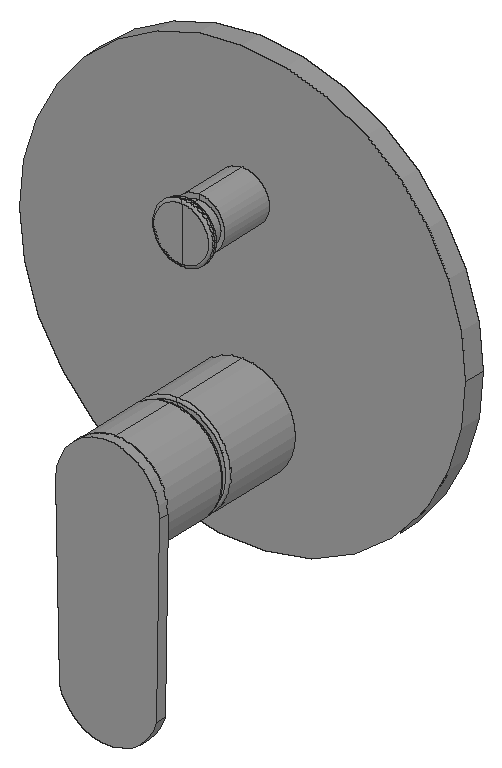
Revit family "MZ TINA URBAN ANTIQUE BRONZE", category Plumbing Fixtures, Revit 2019
Family settings
  Round Connector Dimension = Use Diameter
  Part Type = Normal
  OmniClass Number = 23.45.00.00
  OmniClass Title = Sanitary, Laundry, and Cleaning Equipment
  Work Plane-Based = No
  Always vertical = Yes
  Cut with Voids When Loaded = No
  Shared = No
  Room Calculation Point = No
Reference planes
  plane 1 "Center (Front/Back)": y = 0
  plane 2: z = 0
  plane 3 "Center (Left/Right)": x = 0
Forms (mm)
  Revolve 1, solid
    sketch origin (72.511, -50.46, 26) x (0, 0, 1) y (0, -1, 0)
      loop
        line (-70, 13.194) -> (-70, 77.122) -> (-91, 77.122) -> (-91, 49.998)
        arc (-91, 49.998) -> (-90.708, 49.292) -> (-90.002, 49) r 0.998
        line (-90.002, 49) -> (-85.735, 49)
        arc (-85.735, 49) -> (-86.908, 47.98) -> (-87.608, 46.591) r 4.029
        line (-87.608, 46.591) -> (-89.991, 46.591)
        arc (-89.991, 46.591) -> (-90.704, 46.295) -> (-91, 45.582) r 1.009
        line (-91, 45.582) -> (-91, 13.194) -> (-70, 13.194)
      axis (-70, 13.194) -> (-70, 77.122)
    angle from 0 to 360
  Extrusion 2, solid
    sketch origin (0, -50.46, 21) x (1, 0, 0) y (0, 0, 1)
      loop
        line (51.511, -65) -> (52.803, -139.002)
        arc (52.803, -139.002) -> (72.511, -154) -> (92.22, -139.002) r 20.448
        line (92.22, -139.002) -> (93.511, -65)
        arc (93.511, -65) -> (72.511, -44) -> (51.511, -65) r 21
    from 77.122 to 81.081
  Extrusion 3, solid
    sketch origin (0, 0, 0) x (1, 0, 0) y (0, 0, 1)
      loop
        circle (72.511, 0) r 90
    from 55.115 to 63.615
  Revolve 4, solid
    sketch origin (72.511, 0, -0.5) x (0, 1, 0) y (0, 0, 1)
      loop
        line (-63.615, 36) -> (-63.615, 46.5) -> (-85.615, 46.5) -> (-85.615, 44.5) -> (-91.615, 44.5) -> (-91.615, 46.978)
        arc (-91.615, 46.978) -> (-91.914, 47.701) -> (-92.637, 48) r 1.022
        line (-92.637, 48) -> (-93.64, 48)
        arc (-93.64, 48) -> (-94.329, 47.714) -> (-94.615, 47.025) r 0.975
        line (-94.615, 47.025) -> (-94.615, 36) -> (-63.615, 36)
      axis (-63.615, 36) -> (-94.615, 36)
    angle from 0 to 360
Dimensions and locks
  aligned and locked: level to plane 2
